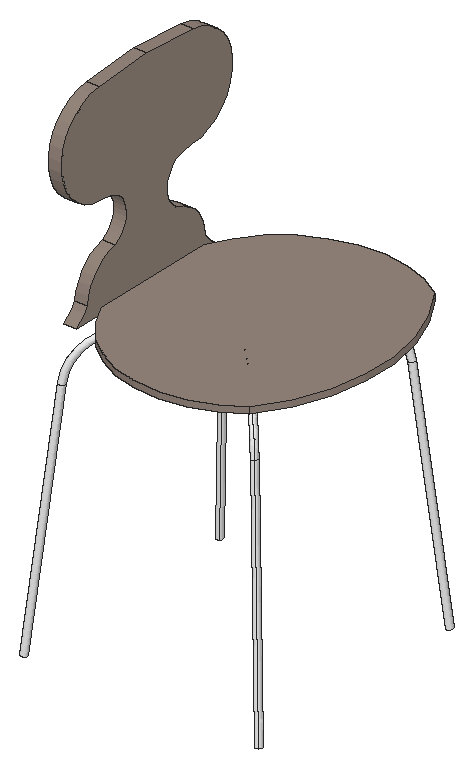
Revit family "Chair 2", category Furniture, Revit 2026
Family settings
  Work Plane-Based = No
  Enable Cutting in Views = No
  Always vertical = Yes
  Cut with Voids When Loaded = No
  Render Appearance Source = Family Geometry
  Shared = No
  Room Calculation Point = No
Parameters
  Keynote = "12600"
  Manufacturer = ""
  Default Elevation = 0 mm
  Bracket Material = Herman Miller - Finish 47 Trivalent Chrome
  Model = ""
  Cushion/Chair Back Material = Herman Miller - Veneer Z5 Maple
  BG_DIM_Width1 [instance] = 0 mm
  BG_DIM_Height1 [instance] = 0 mm
  BG_DIM_Depth1 [instance] = 0 mm
Reference planes
  plane 1 "Center F/B": y = -198.997
  plane 2: z = 0
  plane 3 "Center L/R": x = -1.022
Forms (mm)
  Sweep 1, solid, material "Herman Miller - Finish 47 Trivalent Chrome" <- "Bracket Material"
    path origin (61.052, -65.204, 45) x (0, 0, -1) y (0.707107, -0.707107, 0)
      loop
        line (45, -82.843) -> (-332.364, -36.508)
        arc (-332.364, -36.508) -> (-382.531, -10.114) -> (-402.615, 42.895) r 80
        line (-402.615, 42.895) -> (-402.615, 181.322)
    profile origin (18.855, -23.007, 188.682) x (-0.701836, 0.701836, 0.121869) y (-0.707107, -0.707107, 0)
      loop
        circle (0, 0) r 5
  Sweep 2, solid, material "Herman Miller - Finish 47 Trivalent Chrome" <- "Bracket Material"
    path origin (57.516, -325.168, 45) x (0, 0, -1) y (0.707107, 0.707107, 0)
      loop
        line (45, -82.843) -> (-332.364, -36.508)
        arc (-332.364, -36.508) -> (-382.531, -10.114) -> (-402.615, 42.895) r 80
        line (-402.615, 42.895) -> (-402.615, 181.322)
    profile origin (15.319, -367.364, 188.682) x (-0.701836, -0.701836, 0.121869) y (0.707107, -0.707107, 0)
      loop
        circle (0, 0) r 5
  Sweep 3, solid, material "Herman Miller - Finish 47 Trivalent Chrome" <- "Bracket Material"
    path origin (303.338, -65.204, 45) x (0, 0, -1) y (0.707107, 0.707107, 0)
      loop
        line (45, 82.843) -> (-332.364, 36.508)
        arc (-332.364, 36.508) -> (-382.531, 10.114) -> (-402.615, -42.895) r 80
        line (-402.615, -42.895) -> (-402.615, -181.322)
    profile origin (345.535, -23.007, 188.682) x (0.701836, 0.701836, 0.121869) y (-0.707107, 0.707107, 0)
      loop
        circle (0, 0) r 5
  Sweep 4, solid, material "Herman Miller - Finish 47 Trivalent Chrome" <- "Bracket Material"
    path origin (306.873, -325.168, 45) x (0, 0, -1) y (0.707107, -0.707107, 0)
      loop
        line (45, 82.843) -> (-332.364, 36.508)
        arc (-332.364, 36.508) -> (-382.531, 10.114) -> (-402.615, -42.895) r 80
        line (-402.615, -42.895) -> (-402.615, -181.322)
    profile origin (349.07, -367.364, 188.682) x (0.701836, -0.701836, 0.121869) y (0.707107, 0.707107, 0)
      loop
        circle (0, 0) r 5
  Extrusion 5, solid, material "Herman Miller - Veneer Z5 Maple" <- "Cushion/Chair Back Material"
    sketch origin (0, 0, 0) x (1, 0, 0) y (0, 1, 0)
      loop
        arc (340, -9.099) -> (152.776, 17.913) -> (32.728, -128.274) r 192.616
        line (32.728, -128.274) -> (32.728, -249.923)
        arc (32.728, -249.923) -> (152.776, -396.11) -> (340, -369.099) r 192.616
        arc (340, -369.099) -> (400.673, -189.099) -> (340, -9.099) r 297.34
    from 450 to 460
  Extrusion 6, solid, material "Herman Miller - Veneer Z5 Maple" <- "Cushion/Chair Back Material"
    sketch origin (390, -409.099, -27.081) x (0, 0, -1) y (0, 1, 0)
      loop
        arc (-498.809, 95.839) -> (-486.21, 86.065) -> (-477.081, 72.99) r 53.087
        line (-477.081, 72.99) -> (-477.081, 347.212)
        arc (-477.081, 347.212) -> (-486.21, 334.138) -> (-498.809, 324.364) r 53.087
        arc (-498.809, 324.364) -> (-539.073, 308.301) -> (-561.143, 270.989) r 67.175
        arc (-561.143, 270.989) -> (-601.737, 249.17) -> (-634.197, 281.887) r 38.521
        line (-634.197, 281.887) -> (-636.604, 298.938)
        arc (-636.604, 298.938) -> (-714.694, 376.726) -> (-796.127, 302.444) r 79.872
        line (-796.127, 302.444) -> (-802.584, 210.101) -> (-796.127, 117.759)
        arc (-796.127, 117.759) -> (-714.694, 43.477) -> (-636.604, 121.265) r 79.872
        line (-636.604, 121.265) -> (-634.197, 138.316)
        arc (-634.197, 138.316) -> (-601.737, 171.033) -> (-561.143, 149.213) r 38.521
        arc (-561.143, 149.213) -> (-539.073, 111.901) -> (-498.809, 95.839) r 67.175
    from -367.272 to -347.272
Dimensions and locks
  aligned and locked: plane 1 "Center F/B" to Extrusion 6
